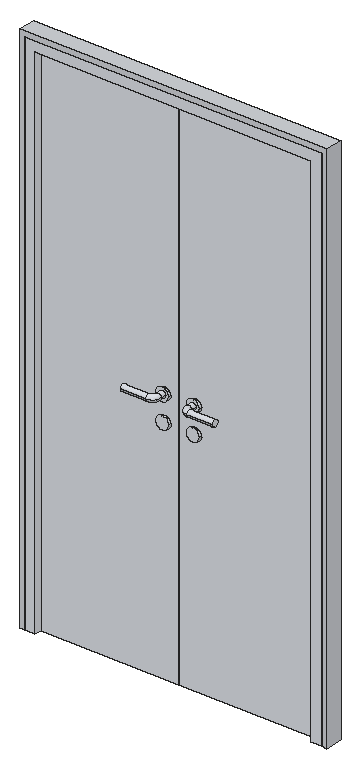
Revit family "AC_Дверь_Двупольная_Стальная", category Двери, Revit 2019
Family settings
  Основа = Стена
  Номер OmniClass = 23.30.10.00
  Заголовок OmniClass = Doors
  Всегда вертикально = Да
  При загрузке вырезать с полостями = Нет
  Общий = Нет
  Точка расчета площади = Нет
Parameters
  Четверт_Высота [instance] = 40 mm
  Четверть [instance] = no
  Четверть_Сверху [instance] = if(Четверть, Четверт_Высота, 0 mm)  # 0 mm
  Четверть_Сбоку [instance] = if(Четверть, Четверть_Ширина, 0 mm)  # 0 mm
  Четверть_Ширина [instance] = 40 mm
  Функция = Наружные слои
  Угол плане 30 [instance] = yes
  Тип полотна двери 2 = АС-Полотно : Глухое
  Тип полотна двери 1 = АС-Полотно : Глухое
  Ручка полотна 2 = yes
  Ручка полотна 1 = yes
  Ручка двери = none
  Рама двери2_Ширина справа = 150 mm
  Рама двери2_Ширина слева = 150 mm
  Рама двери2_Ширина внизу = 300 mm
  Рама двери2_Ширина вверху = 150 mm
  Рама двери1_Ширина справа = 150 mm
  Рама двери1_Ширина слева = 150 mm
  Рама двери1_Ширина внизу = 300 mm
  Рама двери1_Ширина вверху = 150 mm
  Рама двери = none
  Равные полотна = yes
  Полотно2_Ширина = Rough Width - Полотно1_Размер - Коробка_Ширина * 2  # 550 mm
  Полотна_Высота = Rough Height - Коробка_Ширина  # 2050 mm
  Полотно1_Ширина = 400 mm
  Полотно1_Размер = if(Равные полотна, Полотна_Ширина / 2, Полотно1_Ширина)  # 550 mm
  Полотна_Ширина = Rough Width - Коробка_Ширина * 2  # 1100 mm
  Аналитическая конструкция = "<Нет>"
  ADSK_Обозначение = "ГОСТ 31173-2016"
  Наличник двери = none
  ADSK_Наименование = "ДСН Дп Брг 2080х1160"
  Монтажный зазор_Верх [instance] = 20 mm
  Коробка_Ширина = 30 mm
  Коробка_Толщина = 70 mm
  Полотно двери = none
  Остекление двери = none
  Наличник_Ширина [instance] = 60 mm
  Наличник_Толщина [instance] = 10 mm
  Наличник снаружи [instance] = no
  Наличник внутри [instance] = no
  Монтажный зазор_Справа и Слева [instance] = 20 mm
  Вставка(Четверть.Глубина) [instance] = 0 mm
  Инструкция по семейству [instance] = ""
  Огибание наружных слоев [instance] = 0 mm
  Width [instance] = Rough Width + Монтажный зазор_Справа и Слева * 2  # 1200 mm
  Thickness = 40 mm
  Rough Width = 1160 mm
  Rough Height = 2080 mm
  Model = ""
  Manufacturer = ""
  Wall Closure = (empty or 0)
  Height [instance] = Rough Height + Монтажный зазор_Верх  # 2100 mm
  Описание = "Дверь стальная наружная"
  Тип конструкций = "Дверь стальная"
  ADSK_Этаж [instance] = ""
  ADSK_Толщина стены [instance] = 600 mm
  ADSK_Примечание [instance] = ""
  ADSK_Предел огнестойкости = ""
  ADSK_Позиция [instance] = ""
  ADSK_Открывание = if(Равные полотна, "Равные полотна", if(Полотно1_Ширина > Полотно2_Ширина, "Левая", "Правая"))  # "Равные полотна"
  ADSK_Откосы_Глубина [instance] = 530 mm
  ADSK_Наименование краткое = ""
  ADSK_Масса_Текст = ""
  ADSK_Количество [instance] = 0
  ADSK_Код изделия = ""
  ADSK_Зона [instance] = ""
  ADSK_Завод-изготовитель = ""
  ADSK_Единица измерения = ""
  ADSK_Группирование [instance] = ""
  ADSK_Версия Revit = "v2019"  # constant formula
  ADSK_URL страницы изделия = ""
  ADSK_URL документации изделия = ""
Reference planes
  plane 1: y = 0
  plane 2 "По центру (Влево/Вправо)": x = 0
  plane 3 "Слева": x = -600
  plane 4 "Справа": x = 600
  plane 5: z = 2100
  plane 6 "Наружный": y = 300
  plane 7 "Внутренние": y = -300
  plane 8 "Вставка двери": y = 300
  plane 9 "Четверть слева": x = -600
  plane 10 "Четверть справа": x = 600
  plane 11 "Четверть сверху": z = 2100
  plane 12 "Полотно двери": y = 260
  plane 13 "Рама внутри": y = 230
  plane 14 "Монтажный зазор слева": x = -580
  plane 15 "Монтажный зазор справа": x = 580
  plane 16 "Монтажный зазор сверху": z = 2080
  plane 17 "Глубина огибания наружного слоя": y = 300
  plane 18: y = 310
  plane 19: x = 590
  plane 20: y = -310
  plane 21: x = -590
  plane 22: x = -550
  plane 23: x = 550
  plane 24: z = 1025
  plane 25 "Верх полотна": z = 2050
  plane 26 "Разделение полотен": x = 0
Forms (mm)
  Extrusion 1, void
    sketch origin (0, 0, 0) x (1, 0, 0) y (0, 1, 0)
      loop
        line (600, 300) -> (-600, 300) -> (-600, -800) -> (600, -800) -> (600, 300)
    from 0 to 2100
  Extrusion 2, void
    sketch origin (0, 0, 0) x (1, 0, 0) y (0, 1, 0)
      loop
        line (600, 800) -> (-600, 800) -> (-600, 300) -> (600, 300) -> (600, 800)
    from 0 to 2100
  Sweep 3, solid, material <- "Наличник двери", visible <- "Наличник снаружи", detail levels fine
    path origin (0, 300, 0) x (1, 0, 0) y (0, 0, 1)
      loop
        line (-600, 0) -> (-600, 2100) -> (600, 2100) -> (600, 0)
    profile origin (-600, 300, 1050) x (-1, 0, 0) y (0, -1, 0)
      loop
        line (-10, 0) -> (-10, -5)
        arc (-10, -5) -> (-8.536, -8.536) -> (-5, -10) r 5
        line (-5, -10) -> (45, -10)
        arc (45, -10) -> (48.536, -8.536) -> (50, -5) r 5
        line (50, -5) -> (50, 0) -> (-10, 0)
  Sweep 4, solid, material <- "Наличник двери", visible <- "Наличник внутри", detail levels fine
    path origin (0, -300, 0) x (1, 0, 0) y (0, 0, 1)
      loop
        line (-600, 0) -> (-600, 2100) -> (600, 2100) -> (600, 0)
    profile origin (-600, -300, 1050) x (-1, 0, 0) y (0, -1, 0)
      loop
        line (-20, 0) -> (40, 0) -> (40, 5)
        arc (40, 5) -> (38.536, 8.536) -> (35, 10) r 5
        line (35, 10) -> (-15, 10)
        arc (-15, 10) -> (-18.536, 8.536) -> (-20, 5) r 5
        line (-20, 5) -> (-20, 0)
  Sweep 5, solid, material <- "Рама двери", detail levels medium+fine
    path origin (0, 300, 0) x (-1, 0, 0) y (0, 0, 1)
      loop
        line (580, 0) -> (580, 2080) -> (-580, 2080) -> (-580, 0)
    profile origin (580, 300, 1040) x (0, 1, 0) y (-1, 0, 0)
      loop
        line (0, 0) -> (0, 30) -> (-40, 30) -> (-40, 40) -> (-70, 40) -> (-70, 0) -> (0, 0)
  Sweep 6, solid, material <- "Наличник двери", visible <- "Наличник внутри", detail levels fine
    path origin (0, 230, 0) x (-1, 0, 0) y (0, 0, 1)
      loop
        line (600, 0) -> (600, 2100) -> (-600, 2100) -> (-600, 0)
    profile origin (-600, 230, 1050) x (1, 0, 0) y (0, 1, 0)
      loop
        line (0, -535) -> (20, -535) -> (20, 0) -> (0, 0) -> (0, -535)
  Sweep 7, solid, material <- "Наличник двери", visible <- "Наличник снаружи", detail levels fine
    path origin (0, 300, 0) x (-1, 0, 0) y (0, 0, 1)
      loop
        line (600, 0) -> (600, 2100) -> (-600, 2100) -> (-600, 0)
    profile origin (600, 300, 1050) x (0, 1, 0) y (-1, 0, 0)
      loop
        line (5, 0) -> (5, 10) -> (0, 10) -> (0, 0) -> (5, 0)
  Extrusion 8, solid, material <- "Рама двери", detail levels medium+fine
    sketch origin (-2514.822, 300, 1200) x (-1, 0, 0) y (0, 0, 1)
      loop
        line (-3114.822, 900) -> (-3114.822, -1200) -> (-3094.822, -1200) -> (-3094.822, 880) -> (-1934.822, 880) -> (-1934.822, -1200) -> (-1914.822, -1200) -> (-1914.822, 900) -> (-3114.822, 900)
    from 0 to -70
  Extrusion 9, solid, material <- "Полотно двери", detail levels coarse
    sketch origin (0, 0, 0) x (1, 0, 0) y (0, 1, 0)
      loop
        line (-600, 300) -> (-600, 230) -> (600, 230) -> (600, 300) -> (-600, 300)
    from 0 to 2100
Cuts and joins
  joined: Sweep 4, Sweep 6
  joined: Sweep 3, Sweep 7
Lines and regions (mm)
  Masking region 1, detail levels fine
    outline origin (0, 0, 0) x (0, 1, 0) y (0, 0, 1)
      loop
        line (230, 2040) -> (260, 2040) -> (260, 2050) -> (300, 2050) -> (300, 2080) -> (230, 2080) -> (230, 2040)
  Masking region 2, detail levels fine
    outline origin (0, 0, 0) x (0, 1, 0) y (0, 0, 1)
      loop
        line (300, 2080) -> (300, 2100) -> (230, 2100) -> (230, 2080) -> (300, 2080)
  Masking region 3, detail levels fine
    outline origin (0, 0, 0) x (0, 1, 0) y (0, 0, 1)
      loop
        line (300, 0) -> (300, 2050) -> (260, 2050) -> (260, 0) -> (300, 0)
  Masking region 4, detail levels fine
    outline origin (0, 0, 0) x (0, 1, 0) y (0, 0, 1)
      loop
        line (230, 2040) -> (230, 0) -> (260, 0) -> (260, 2040) -> (230, 2040)
  Masking region 5, detail levels coarse+medium
    outline origin (0, 0, 0) x (0, 1, 0) y (0, 0, 1)
      loop
        line (300, 0) -> (300, 2100) -> (230, 2100) -> (230, 0) -> (300, 0)
  symbolic lines, style "Открывание", detail levels medium
    curve 1: line (-550, 300, 0) -> (0, 300, 1025)
    curve 2: line (0, 300, 1025) -> (-550, 300, 2050)
  symbolic lines, style "Открывание", not visible, detail levels medium
    curve 3: line (550, 300, 0) -> (0, 300, 1025)
    curve 4: line (0, 300, 1025) -> (550, 300, 2050)
Text (mm)
  text "Наружный" at (-2295.016, 1099.543, 0), in view "Опорный уровень "
  text "Наружный" at (0, 1615.38, 3698.081), in view "Слева"
  text "Наружный" at (0, 1036.032, 3874.932), in view "Справа"
Dimensions and locks
  equal spacing: plane 14 "Монтажный зазор слева", plane 2 "По центру (Влево/Вправо)", plane 15 "Монтажный зазор справа"
  "Width": plane 3 "Слева" to plane 4 "Справа"
  "Rough Height": host wall to plane 16 "Монтажный зазор сверху"
  "Height": host wall to plane 5
  locked: plane 6 "Наружный" to host wall at 0
  locked: plane 7 "Внутренние" to host wall
  locked: Extrusion 1 sketch curve to plane 7 "Внутренние" at 500
  "Четверть_Сбоку": plane 3 "Слева" to plane 9 "Четверть слева"
  "Четверть_Сбоку": plane 10 "Четверть справа" to plane 4 "Справа"
  "Четверть_Сверху": plane 11 "Четверть сверху" to plane 5
  locked: plane 6 "Наружный" to Extrusion 2 sketch curve at 500
  "Вставка(Четверть.Глубина)": plane 6 "Наружный" to plane 8 "Вставка двери"
  "Наличник_Ширина": Sweep 3 sketch curve to plane 21
  "Коробка_Толщина": plane 8 "Вставка двери" to plane 13 "Рама внутри"
  "Thickness": plane 8 "Вставка двери" to plane 12 "Полотно двери"
  "Огибание наружных слоев": plane 6 "Наружный" to plane 17 "Глубина огибания наружного слоя"
  "Наличник_Ширина": Sweep 4 sketch curve to Sweep 4 sketch curve
  locked: Sweep 4 sketch curve to Sweep 4 sketch curve at 5  (x4)
  locked: Sweep 3 sketch curve to Sweep 3 sketch curve at 5
  "Коробка_Ширина": Sweep 5 sketch curve to profile plane
  locked: Sweep 5 sketch curve to Sweep 5 sketch curve at 10
  locked: Sweep 6 sketch curve to plane 20 at 5
  "Наличник_Толщина": plane 7 "Внутренние" to plane 20
  "Наличник_Толщина": plane 18 to plane 6 "Наружный"
  "Наличник_Толщина": plane 9 "Четверть слева" to plane 21
  "Наличник_Толщина": plane 19 to plane 10 "Четверть справа"
  locked: plane 18 to Sweep 3 sketch curve at 5  (x2)
  locked: Sweep 3 sketch curve to plane 21 at 5
  locked: plane 18 to Sweep 7 sketch curve at 5
  "ADSK_Откосы_Глубина": plane 7 "Внутренние" to plane 13 "Рама внутри"
  equal spacing: plane 3 "Слева", plane 2 "По центру (Влево/Вправо)", plane 4 "Справа"
  "Rough Width": plane 14 "Монтажный зазор слева" to plane 15 "Монтажный зазор справа"
  "Коробка_Ширина": plane 14 "Монтажный зазор слева" to plane 22
  "Коробка_Ширина": plane 23 to plane 15 "Монтажный зазор справа"
  equal spacing: level, plane 24, plane 25 "Верх полотна"
  "Коробка_Ширина": plane 25 "Верх полотна" to plane 16 "Монтажный зазор сверху"
  "Полотно1_Размер": plane 26 "Разделение полотен" to plane 23
  "ADSK_Толщина стены": host wall to host wall
  aligned and locked: plane 1 to host wall
  aligned and locked: plane 8 "Вставка двери" to Extrusion 1 sketch curve
  aligned and locked: plane 3 "Слева" to Extrusion 1 sketch curve
  aligned and locked: Extrusion 1 sketch curve to plane 4 "Справа"
  aligned and locked: Extrusion 1 to level
  aligned and locked: Extrusion 1 to plane 5
  aligned and locked: Extrusion 2 sketch curve to plane 8 "Вставка двери"
  aligned and locked: plane 10 "Четверть справа" to Extrusion 2 sketch curve
  aligned and locked: Extrusion 2 sketch curve to plane 9 "Четверть слева"
  aligned and locked: Extrusion 2 to level
  aligned and locked: plane 11 "Четверть сверху" to Extrusion 2
  aligned and locked: plane 9 "Четверть слева" to Sweep 3 sketch curve
  aligned and locked: plane 11 "Четверть сверху" to Sweep 3 sketch curve
  aligned and locked: plane 10 "Четверть справа" to Sweep 3 sketch curve
  aligned and locked: Sweep 4 sketch curve to plane 3 "Слева"
  aligned and locked: Sweep 4 sketch curve to plane 5
  aligned and locked: Sweep 4 sketch curve to plane 4 "Справа"
  aligned and locked: level to Sweep 4 sketch curve  (x2)
  aligned and locked: Sweep 4 sketch curve to plane 7 "Внутренние"
  aligned and locked: Sweep 5 sketch curve to plane 15 "Монтажный зазор справа"
  aligned and locked: Sweep 5 sketch curve to plane 16 "Монтажный зазор сверху"
  aligned and locked: Sweep 5 sketch curve to plane 14 "Монтажный зазор слева"
  aligned and locked: level to Sweep 5 sketch curve  (x2)
  aligned and locked: profile plane to Sweep 5 sketch curve
  aligned and locked: plane 13 "Рама внутри" to Sweep 5 sketch curve
  aligned and locked: plane 8 "Вставка двери" to Sweep 5 sketch curve
  aligned and locked: plane 12 "Полотно двери" to Sweep 5 sketch curve
  aligned and locked: Sweep 4 sketch curve to plane 14 "Монтажный зазор слева"
  aligned and locked: plane 3 "Слева" to Sweep 6 sketch curve
  aligned and locked: plane 5 to Sweep 6 sketch curve
  aligned and locked: plane 4 "Справа" to Sweep 6 sketch curve
  aligned and locked: level to Sweep 6 sketch curve  (x2)
  aligned and locked: Sweep 6 sketch curve to plane 3 "Слева"
  aligned and locked: Sweep 6 sketch curve to plane 14 "Монтажный зазор слева"
  aligned and locked: Sweep 6 sketch curve to plane 13 "Рама внутри"
  aligned and locked: profile plane to Sweep 3 sketch curve
  aligned and locked: level to Sweep 7 sketch curve  (x2)
  aligned and locked: Sweep 7 sketch curve to plane 11 "Четверть сверху"
  aligned and locked: plane 10 "Четверть справа" to Sweep 7 sketch curve  (x2)
  aligned and locked: plane 9 "Четверть слева" to Sweep 7 sketch curve
  aligned and locked: plane 8 "Вставка двери" to Sweep 7 sketch curve
  aligned and locked: plane 20 to Sweep 4 sketch curve
  aligned and locked: plane 18 to Sweep 3 sketch curve
  aligned and locked: Sweep 7 sketch curve to plane 19
  aligned and locked: Masking region 1 sketch curve to Sweep 5  (x2)
  aligned and locked: plane 12 "Полотно двери" to Masking region 1 sketch curve
  aligned and locked: plane 13 "Рама внутри" to Masking region 1 sketch curve
  aligned and locked: plane 8 "Вставка двери" to Masking region 1 sketch curve
  aligned and locked: plane 16 "Монтажный зазор сверху" to Masking region 1 sketch curve
  aligned and locked: plane 8 "Вставка двери" to Masking region 2 sketch curve
  aligned and locked: plane 13 "Рама внутри" to Masking region 2 sketch curve
  aligned and locked: plane 16 "Монтажный зазор сверху" to Masking region 2 sketch curve
  aligned and locked: plane 5 to Masking region 2 sketch curve
  aligned and locked: plane 8 "Вставка двери" to Masking region 3 sketch curve
  aligned and locked: plane 12 "Полотно двери" to Masking region 3 sketch curve
  aligned and locked: level to Masking region 3 sketch curve
  aligned and locked: Masking region 3 sketch curve to Sweep 5
  aligned and locked: Masking region 4 sketch curve to Sweep 5
  aligned and locked: plane 13 "Рама внутри" to Masking region 4 sketch curve
  aligned and locked: plane 12 "Полотно двери" to Masking region 4 sketch curve
  aligned and locked: level to Masking region 4 sketch curve
  aligned and locked: plane 8 "Вставка двери" to Masking region 5 sketch curve
  aligned and locked: plane 13 "Рама внутри" to Masking region 5 sketch curve
  aligned and locked: plane 5 to Masking region 5 sketch curve
  aligned and locked: level to Masking region 5 sketch curve
  aligned and locked: Extrusion 8 sketch curve to plane 4 "Справа"
  aligned and locked: Extrusion 8 sketch curve to plane 3 "Слева"
  aligned and locked: Extrusion 8 sketch curve to plane 5
  aligned and locked: Extrusion 8 sketch curve to plane 16 "Монтажный зазор сверху"
  aligned and locked: Extrusion 8 sketch curve to plane 14 "Монтажный зазор слева"
  aligned and locked: Extrusion 8 sketch curve to plane 15 "Монтажный зазор справа"
  aligned and locked: Extrusion 8 sketch curve to level
  aligned and locked: Extrusion 8 to plane 13 "Рама внутри"
  aligned and locked: plane 8 "Вставка двери" to Extrusion 8
  aligned and locked: Extrusion 9 sketch curve to plane 8 "Вставка двери"
  aligned and locked: Extrusion 9 sketch curve to plane 13 "Рама внутри"
  aligned and locked: Extrusion 9 sketch curve to plane 4 "Справа"
  aligned and locked: Extrusion 9 sketch curve to plane 3 "Слева"
  aligned and locked: Extrusion 9 to level
  aligned and locked: Extrusion 9 to plane 5
  aligned and locked: curve 3 to Sweep 5
  aligned and locked: Sweep 5 to curve 1
  aligned and locked: plane 25 "Верх полотна" to curve 2
  aligned and locked: plane 25 "Верх полотна" to curve 4
  aligned and locked: level to curve 1
  aligned and locked: level to curve 3
  aligned and locked: nested 1 to plane 8 "Вставка двери"
  aligned and locked: nested 1 to plane 4 "Справа"
  aligned and locked: plane 8 "Вставка двери" to nested 2
  aligned and locked: nested 2 to plane 3 "Слева"
  aligned and locked: plane 26 "Разделение полотен" to curve 2
  aligned and locked: plane 24 to curve 1
  aligned and locked: nested 3 to plane 8 "Вставка двери"
  aligned and locked: nested 3 to plane 23
  aligned and locked: plane 26 "Разделение полотен" to nested 3
  aligned and locked: nested 4 to plane 22
  aligned and locked: plane 26 "Разделение полотен" to nested 4
  aligned and locked: nested 4 to plane 8 "Вставка двери"
  aligned and locked: nested 5 to plane 8 "Вставка двери"
  aligned and locked: plane 26 "Разделение полотен" to nested 5
  aligned and locked: plane 8 "Вставка двери" to nested 6
  aligned and locked: plane 26 "Разделение полотен" to nested 6
Automatic sketch dimensions
  Sweep 3 sketch curve to level = 0 mm  (x2)
  Extrusion 8 sketch curve to level = 0 mm
  plane 23 to curve 4 = 0 mm
  plane 22 to curve 2 = 0 mm
Nested families
  nested 1: "АС-Обозначение на плане двупольная" at (600, 300, 0), Rough Width <- "Полотно1_Размер", Монтажный зазор.Ширина сбоку <- "Монтажный зазор_Справа и Слева", Коробка.Ширина <- "Коробка_Ширина", Коробка.Толщина <- "Коробка_Толщина", Thickness <- "Thickness", Height <- "Height", type "АС-Стандарт"
    with Монтажный зазор.Ширина сбоку 20 mm, Коробка.Ширина 30 mm, Коробка.Толщина 70 mm, Width 600 mm, Thickness 40 mm, Rough Width 550 mm, Height 2100 mm
  nested 2: "АС-Обозначение на плане двупольная" at (-600, 300, 0) x (-1, 0, 0) z (0, 0, 1), Rough Width <- "Полотно2_Ширина", Монтажный зазор.Ширина сбоку <- "Монтажный зазор_Справа и Слева", Коробка.Ширина <- "Коробка_Ширина", Коробка.Толщина <- "Коробка_Толщина", Thickness <- "Thickness", Height <- "Height", type "АС-Стандарт"
    with Монтажный зазор.Ширина сбоку 20 mm, Коробка.Ширина 30 mm, Коробка.Толщина 70 mm, Width 600 mm, Thickness 40 mm, Rough Width 550 mm, Height 2100 mm
  nested 3: "АС-Полотно" at (275, 300, 0), Рама.Ширина справа <- "Рама двери1_Ширина справа", Рама.Ширина слева <- "Рама двери1_Ширина слева", Рама.Ширина внизу <- "Рама двери1_Ширина внизу", Рама.Ширина вверху <- "Рама двери1_Ширина вверху", Полотно двери.Ширина <- "Полотно1_Размер", Полотно двери.Толщина <- "Thickness", Полотно двери.Высота <- "Полотна_Высота", type <- "Тип полотна двери 1", type "Глухое"
    with Рама.Ширина справа 150 mm, Рама.Ширина слева 150 mm, Рама.Ширина внизу 300 mm, Рама.Ширина вверху 150 mm, Полотно двери.Ширина 550 mm, Полотно двери.Толщина 40 mm, Полотно двери.Высота 2050 mm
  nested 4: "АС-Полотно" at (-275, 300, 0), Рама.Ширина справа <- "Рама двери2_Ширина справа", Рама.Ширина слева <- "Рама двери2_Ширина слева", Рама.Ширина внизу <- "Рама двери2_Ширина внизу", Рама.Ширина вверху <- "Рама двери2_Ширина вверху", Полотно двери.Ширина <- "Полотно2_Ширина", Полотно двери.Толщина <- "Thickness", Полотно двери.Высота <- "Полотна_Высота", type <- "Тип полотна двери 2", type "Глухое"
    with Рама.Ширина справа 150 mm, Рама.Ширина слева 150 mm, Рама.Ширина внизу 300 mm, Рама.Ширина вверху 150 mm, Полотно двери.Ширина 550 mm, Полотно двери.Толщина 40 mm, Полотно двери.Высота 2050 mm
  nested 5: "АС-Ручка двери" at (0, 300, 0), Ручка двери <- "Ручка двери", Полотно двери.Толщина <- "Thickness", visible <- "Ручка полотна 1", type "АС-Стандарт"
    with Ручка двери none, Полотно двери.Толщина 40 mm, Отступ ручки от края 60 mm
  nested 6: "АС-Ручка двери" at (0, 300, 0) x (-1, 0, 0) z (0, 0, 1), Ручка двери <- "Ручка двери", Полотно двери.Толщина <- "Thickness", visible <- "Ручка полотна 2", type "АС-Стандарт"
    with Ручка двери none, Полотно двери.Толщина 40 mm, Отступ ручки от края 60 mm
Definition of nested family "АС-Полотно"
  Parameters
    Фурнитура = none
    Рама.Ширина справа [instance] = 50 mm
    Рама.Ширина слева [instance] = 50 mm
    Рама.Ширина внизу [instance] = 50 mm
    Рама.Ширина вверху [instance] = 50 mm
    Остекленное = not(Глухое)  # no
    Полотно двери.Ширина [instance] = 1000 mm
    Полотно двери.Толщина [instance] = 40 mm
    Полотно двери.Высота [instance] = 2100 mm
    Полотно двери = none
    Глухое = yes
    Остекление двери = none
    Default Elevation = 0 mm
  Reference planes
    plane 1 "Center (Front/Back)": y = 0
    plane 2: z = 0
    plane 3 "Center (Left/Right)": x = 0
    plane 4: x = -500
    plane 5: x = 500
    plane 6 "Back": y = -40
    plane 7: z = 2100
    plane 8 "Остекление снаружи": y = -8
    plane 9 "Остекление внутри": y = -32
    plane 10 "Ширина рамы справа": x = -450
    plane 11 "Ширина рамы слева": x = 450
    plane 12 "Ширина рамы внизу": z = 50
    plane 13 "Ширина рамы вверху": z = 2050
  Forms (mm)
    Extrusion 1, solid, material <- "Полотно двери", visible <- "Глухое", detail levels medium+fine
      sketch origin (0, 0, 0) x (1, 0, 0) y (0, 0, 1)
        loop
          line (-500, 2100) -> (-500, 0) -> (500, 0) -> (500, 2100) -> (-500, 2100)
      from 0 to 40 <- "Полотно двери.Толщина"
    Extrusion 2, solid, material <- "Полотно двери", visible <- "Остекленное", detail levels medium+fine
      sketch origin (0, 0, 0) x (1, 0, 0) y (0, 0, 1)
        loop
          line (-500, 2100) -> (-500, 0) -> (500, 0) -> (500, 2100) -> (-500, 2100)
        loop
          line (-450, 50) -> (450, 50) -> (450, 2050) -> (-450, 2050) -> (-450, 50)
      from 0 to 40
    Extrusion 3, solid, material <- "Остекление двери", visible <- "Остекленное", detail levels medium+fine
      sketch origin (-646.608, -8, 1200) x (-1, 0, 0) y (0, 0, 1)
        loop
          line (-196.608, 850) -> (-1096.608, 850) -> (-1096.608, -1150) -> (-196.608, -1150) -> (-196.608, 850)
      from 0 to -24
  Dimensions and locks
    "Полотно двери.Толщина": plane 1 "Center (Front/Back)" to plane 6 "Back"
    equal spacing: plane 4, plane 3 "Center (Left/Right)", plane 5
    "Полотно двери.Ширина": plane 4 to plane 5
    "Полотно двери.Высота": plane 7 to plane 2
    locked: plane 9 "Остекление внутри" to plane 6 "Back" at 8
    locked: plane 1 "Center (Front/Back)" to plane 8 "Остекление снаружи" at 8
    "Рама.Ширина вверху": plane 7 to plane 13 "Ширина рамы вверху"
    "Рама.Ширина внизу": plane 12 "Ширина рамы внизу" to plane 2
    "Рама.Ширина справа": plane 5 to plane 11 "Ширина рамы слева"
    "Рама.Ширина слева": plane 10 "Ширина рамы справа" to plane 4
    plane 7 to plane 2 = 2100 mm
    aligned and locked: level to plane 2
    aligned and locked: Extrusion 1 sketch curve to plane 7
    aligned and locked: plane 4 to Extrusion 1 sketch curve
    aligned and locked: plane 2 to Extrusion 1 sketch curve
    aligned and locked: Extrusion 1 sketch curve to plane 5
    aligned and locked: Extrusion 1 to plane 1 "Center (Front/Back)"
    aligned and locked: Extrusion 1 to plane 6 "Back"
    aligned and locked: Extrusion 2 sketch curve to plane 4
    aligned and locked: Extrusion 2 sketch curve to plane 5
    aligned and locked: Extrusion 2 sketch curve to plane 7
    aligned and locked: Extrusion 2 sketch curve to plane 2
    aligned and locked: Extrusion 2 sketch curve to plane 12 "Ширина рамы внизу"
    aligned and locked: Extrusion 2 sketch curve to plane 10 "Ширина рамы справа"
    aligned and locked: Extrusion 2 sketch curve to plane 11 "Ширина рамы слева"
    aligned and locked: Extrusion 2 sketch curve to plane 13 "Ширина рамы вверху"
    aligned and locked: Extrusion 2 to plane 1 "Center (Front/Back)"
    aligned and locked: Extrusion 2 to plane 6 "Back"
    aligned and locked: plane 10 "Ширина рамы справа" to Extrusion 3 sketch curve
    aligned and locked: plane 11 "Ширина рамы слева" to Extrusion 3 sketch curve
    aligned and locked: plane 13 "Ширина рамы вверху" to Extrusion 3 sketch curve
    aligned and locked: plane 12 "Ширина рамы внизу" to Extrusion 3 sketch curve
    aligned and locked: Extrusion 3 to plane 8 "Остекление снаружи"
    aligned and locked: Extrusion 3 to plane 9 "Остекление внутри"
    aligned and locked: plane 7 to Extrusion 2
    aligned and locked: plane 4 to Extrusion 2
Definition of nested family "АС-Ручка двери"
  Parameters
    Ручка двери [instance] = none
    Полотно двери.Толщина [instance] = 40 mm
    Отступ ручки от края = 100 mm
    Высота расположения ручки = 1000 mm
    Default Elevation = 0 mm
  Reference planes
    plane 1 "Наружная сторона полотна": y = 0
    plane 2: z = 0
    plane 3 "Край полотна": x = 0
    plane 4 "Вертикаль расположения": x = 100
    plane 5 "Горизонталь расположения": z = 1000
    plane 6 "Внутренняя сторона полотна": y = -40
  Forms (mm)
    Sweep 1, solid, material <- "Ручка двери", detail levels fine
      path origin (0, 0, 1000) x (1, 0, 0) y (0, 1, 0)
        loop
          line (220, 50) -> (120, 50)
          arc (120, 50) -> (105.858, 44.142) -> (100, 30) r 20
          line (100, 30) -> (100, -70)
          arc (100, -70) -> (105.858, -84.142) -> (120, -90) r 20
          line (120, -90) -> (220, -90)
      profile origin (100, -20, 1000) x (1, 0, 0) y (0, 0, 1)
        loop
          circle (0, 0) r 12
    Extrusion 2, solid, material <- "Ручка двери", detail levels fine
      sketch origin (155, 0, 0) x (1, 0, 0) y (0, 0, 1)
        loop
          circle (-55, 1000) r 25
      from 48 to -8
    Extrusion 3, solid, material <- "Ручка двери", detail levels fine
      sketch origin (0, 0, 0) x (1, 0, 0) y (0, 0, 1)
        loop
          circle (100, 900) r 25
      from 48 to -8
  Cuts and joins
    joined: Sweep 1, Extrusion 2
  Dimensions and locks
    "Отступ ручки от края": plane 3 "Край полотна" to plane 4 "Вертикаль расположения"
    "Высота расположения ручки": plane 5 "Горизонталь расположения" to level
    "Полотно двери.Толщина": plane 1 "Наружная сторона полотна" to plane 6 "Внутренняя сторона полотна"
    locked: plane 1 "Наружная сторона полотна" to Extrusion 3 at 8
    locked: plane 1 "Наружная сторона полотна" to Extrusion 2 at 8
    locked: plane 6 "Внутренняя сторона полотна" to Extrusion 3 at 8
    locked: plane 6 "Внутренняя сторона полотна" to Extrusion 2 at 8
    locked: plane 4 "Вертикаль расположения" to Extrusion 2 sketch curve at 0
    locked: plane 5 "Горизонталь расположения" to Extrusion 2 sketch curve at 0
    locked: Extrusion 3 sketch curve to plane 5 "Горизонталь расположения" at 100
    locked: Extrusion 3 sketch curve to plane 4 "Вертикаль расположения"
    locked: plane 1 "Наружная сторона полотна" to Sweep 1 sketch curve at 50
    locked: plane 6 "Внутренняя сторона полотна" to Sweep 1 sketch curve at 50
    locked: plane 4 "Вертикаль расположения" to Sweep 1 sketch curve at 120  (x2)
    locked: Sweep 1 sketch curve to plane 5 "Горизонталь расположения"
    locked: plane 4 "Вертикаль расположения" to Sweep 1 sketch curve at 0
    aligned and locked: Sweep 1 sketch curve to plane 4 "Вертикаль расположения"
  Automatic sketch dimensions
    plane 4 "Вертикаль расположения" to Sweep 1 sketch curve = 20 mm  (x2)
    radius of Sweep 1 sketch curve = 12 mm
    radius of Extrusion 2 sketch curve = 25 mm
    radius of Extrusion 3 sketch curve = 25 mm
Definition of nested family "АС-Обозначение на плане двупольная"
  Parameters
    Открывание двери 90 = not(Открывание двери 30)  # no
    Открывание двери 30 = yes
    Монтажный зазор.Ширина сбоку [instance] = 20 mm
    Линия открывания (дуга) = not(Открывание двери 30)  # no
    Коробка.Ширина [instance] = 40 mm
    Коробка.Толщина [instance] = 80 mm
    Width [instance] = Rough Width + Коробка.Ширина + Монтажный зазор.Ширина сбоку  # 960 mm
    Thickness [instance] = 40 mm
    Rough Width [instance] = 900 mm
    Height [instance] = 2100 mm
    Default Elevation = 0 mm
  Reference planes
    plane 1 "Center (Front/Back)": y = 0
    plane 2: z = 0
    plane 3 "Center (Left/Right)": x = 0
    plane 4 "Полотно справа": x = -20
    plane 5 "Полотно. Внутренняя сторона": y = -40
    plane 6 "Коробка. Внутренняя сторона": y = -80
    plane 7 "Коробка.Внутренняя сторона слева": x = -960
    plane 8 "Коробка. Внутренняя сторона справа": x = -60
  Lines and regions (mm)
    Masking region 1, detail levels fine
      outline origin (0, 0, 0) x (1, 0, 0) y (0, 1, 0)
        loop
          line (0, -80) -> (0, 0) -> (-20, 0) -> (-20, -80) -> (0, -80)
    Masking region 2, detail levels fine
      outline origin (0, 0, 0) x (1, 0, 0) y (0, 1, 0)
        loop
          line (-20, 0) -> (-60, 0) -> (-60, -40) -> (-70, -40) -> (-70, -80) -> (-20, -80) -> (-20, 0)
    Masking region 3, visible <- "Открывание двери 90", detail levels fine
      outline origin (0, 0, 0) x (1, 0, 0) y (0, 1, 0)
        loop
          line (-60, 0) -> (-60, 900) -> (-100, 900) -> (-100, 0) -> (-60, 0)
    Masking region 4, visible <- "Открывание двери 30", detail levels fine
      outline origin (0, 0, 0) x (1, 0, 0) y (0, 1, 0)
        loop
          line (-60, 0) -> (-839.423, 450) -> (-859.423, 415.359) -> (-80, -34.641) -> (-60, 0)
    symbolic lines, visible <- "Открывание двери 30", detail levels coarse+medium
      curve 1: line (0, 0, 0) -> (-831.384, 480, 0)
    symbolic lines, visible <- "Открывание двери 90", detail levels coarse+medium
      curve 2: line (0, 0, 0) -> (0, 960, 0)
    symbolic lines, visible <- "Линия открывания (дуга)", detail levels coarse+medium
      curve 3: arc (0, 960, 0) -> (-678.823, 678.823, 0) -> (-960, 0, 0) r 960
    symbolic lines, visible <- "Линия открывания (дуга)", detail levels fine
      curve 4: arc (-960, 0, 0) -> (-696.396, 636.396, 0) -> (-60, 900, 0) r 900
    model lines
      curve 5: line (0, 0, 0) -> (0, 0, 2100)
  Dimensions and locks
    "Thickness": plane 1 "Center (Front/Back)" to plane 5 "Полотно. Внутренняя сторона"
    plane 1 "Center (Front/Back)" to plane 6 "Коробка. Внутренняя сторона" = 80 mm
    "Коробка.Толщина": plane 6 "Коробка. Внутренняя сторона" to plane 1 "Center (Front/Back)"
    "Rough Width": plane 7 "Коробка.Внутренняя сторона слева" to plane 8 "Коробка. Внутренняя сторона справа"
    "Width": curve 1 to curve 1
    "Width": plane 1 "Center (Front/Back)" to curve 2
    locked: Masking region 2 sketch curve to Masking region 2 sketch curve at 10
    "Rough Width": plane 1 "Center (Front/Back)" to Masking region 3 sketch curve
    "Thickness": Masking region 3 sketch curve to plane 8 "Коробка. Внутренняя сторона справа"
    "Rough Width": Masking region 4 sketch curve to Masking region 4 sketch curve
    "Thickness": Masking region 4 sketch curve to Masking region 4 sketch curve
    "Height": curve 5 to level
    "Монтажный зазор.Ширина сбоку": plane 4 "Полотно справа" to plane 3 "Center (Left/Right)"
    "Коробка.Ширина": plane 8 "Коробка. Внутренняя сторона справа" to plane 4 "Полотно справа"
    "Width": radius of curve 3
    "Rough Width": radius of curve 4
    locked: curve 1 to plane 1 "Center (Front/Back)" (angle 30.00°)
    locked: Masking region 4 sketch curve to plane 1 "Center (Front/Back)" (angle 30.00°)
    aligned and locked: level to plane 2
    aligned and locked: plane 1 "Center (Front/Back)" to curve 2
    aligned and locked: plane 6 "Коробка. Внутренняя сторона" to Masking region 1 sketch curve
    aligned and locked: plane 1 "Center (Front/Back)" to Masking region 1 sketch curve
    aligned and locked: plane 4 "Полотно справа" to Masking region 1 sketch curve
    aligned and locked: Masking region 2 sketch curve to plane 4 "Полотно справа"
    aligned and locked: Masking region 2 sketch curve to plane 8 "Коробка. Внутренняя сторона справа"
    aligned and locked: Masking region 2 sketch curve to plane 6 "Коробка. Внутренняя сторона"
    aligned and locked: Masking region 2 sketch curve to plane 5 "Полотно. Внутренняя сторона"
    aligned and locked: Masking region 2 sketch curve to plane 1 "Center (Front/Back)"
    aligned and locked: plane 8 "Коробка. Внутренняя сторона справа" to curve 4
    aligned and locked: Masking region 2 to Masking region 3 sketch curve
    aligned and locked: Masking region 3 sketch curve to Masking region 2
    aligned and locked: plane 8 "Коробка. Внутренняя сторона справа" to Masking region 4 sketch curve
    aligned and locked: plane 2 to curve 5
    aligned and locked: plane 3 "Center (Left/Right)" to curve 5
    aligned and locked: Masking region 1 sketch curve to plane 3 "Center (Left/Right)"
    aligned and locked: plane 3 "Center (Left/Right)" to curve 2
  Automatic sketch dimensions
    plane 1 "Center (Front/Back)" to Masking region 4 sketch curve = 0 mm
